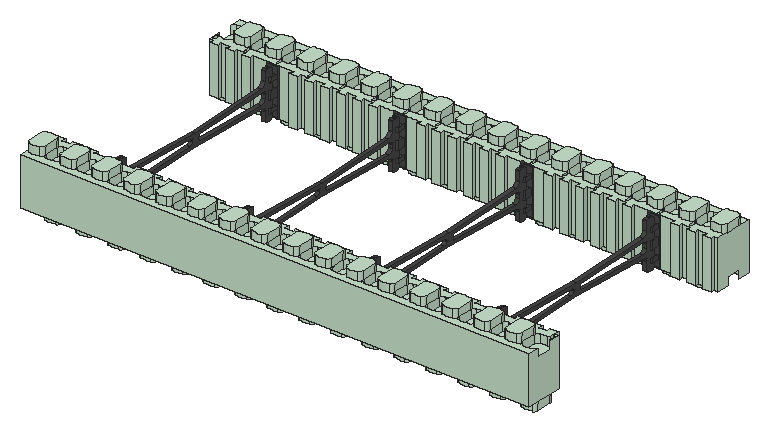
Revit family (continued)
Forms (mm)
  Extrusion 56, void
    sketch origin (508, 438.04, 0) x (-1, 0, 0) y (0, -1, 0)
      loop
        line (6.454, 56.046) -> (2.115, 56.046) -> (2.115, 47.255)
        arc (2.115, 47.255) -> (2.005, 46.676) -> (1.692, 46.177) r 1.588
        arc (1.692, 46.177) -> (0.438, 44.179) -> (0, 41.861) r 6.35
        line (0, 41.861) -> (0, 18.464)
        arc (0, 18.464) -> (1.215, 14.728) -> (4.396, 12.422) r 6.35
        arc (4.396, 12.422) -> (12.7, 11.112) -> (21.004, 12.422) r 26.987
        arc (21.004, 12.422) -> (24.185, 14.728) -> (25.4, 18.464) r 6.35
        line (25.4, 18.464) -> (25.4, 41.861)
        arc (25.4, 41.861) -> (24.185, 45.597) -> (21.004, 47.903) r 6.35
        arc (21.004, 47.903) -> (14.709, 49.138) -> (8.3, 48.851) r 26.987
        arc (8.3, 48.851) -> (7.014, 49.207) -> (6.454, 50.418) r 1.587
        line (6.454, 50.418) -> (6.454, 56.046)
    from 0 to 12.7
  Extrusion 57, void
    sketch origin (457.2, 438.04, 0) x (-1, 0, 0) y (0, -1, 0)
      loop
        line (6.454, 56.046) -> (2.115, 56.046) -> (2.115, 47.255)
        arc (2.115, 47.255) -> (2.005, 46.676) -> (1.692, 46.177) r 1.588
        arc (1.692, 46.177) -> (0.438, 44.179) -> (0, 41.861) r 6.35
        line (0, 41.861) -> (0, 18.464)
        arc (0, 18.464) -> (1.215, 14.728) -> (4.396, 12.422) r 6.35
        arc (4.396, 12.422) -> (12.7, 11.112) -> (21.004, 12.422) r 26.987
        arc (21.004, 12.422) -> (24.185, 14.728) -> (25.4, 18.464) r 6.35
        line (25.4, 18.464) -> (25.4, 41.861)
        arc (25.4, 41.861) -> (24.185, 45.597) -> (21.004, 47.903) r 6.35
        arc (21.004, 47.903) -> (14.709, 49.138) -> (8.3, 48.851) r 26.987
        arc (8.3, 48.851) -> (7.014, 49.207) -> (6.454, 50.418) r 1.587
        line (6.454, 50.418) -> (6.454, 56.046)
    from 0 to 12.7
  Extrusion 58, void
    sketch origin (406.4, 438.04, 0) x (-1, 0, 0) y (0, -1, 0)
      loop
        line (6.454, 56.046) -> (2.115, 56.046) -> (2.115, 47.255)
        arc (2.115, 47.255) -> (2.005, 46.676) -> (1.692, 46.177) r 1.588
        arc (1.692, 46.177) -> (0.438, 44.179) -> (0, 41.861) r 6.35
        line (0, 41.861) -> (0, 18.464)
        arc (0, 18.464) -> (1.215, 14.728) -> (4.396, 12.422) r 6.35
        arc (4.396, 12.422) -> (12.7, 11.112) -> (21.004, 12.422) r 26.987
        arc (21.004, 12.422) -> (24.185, 14.728) -> (25.4, 18.464) r 6.35
        line (25.4, 18.464) -> (25.4, 41.861)
        arc (25.4, 41.861) -> (24.185, 45.597) -> (21.004, 47.903) r 6.35
        arc (21.004, 47.903) -> (14.709, 49.138) -> (8.3, 48.851) r 26.987
        arc (8.3, 48.851) -> (7.014, 49.207) -> (6.454, 50.418) r 1.587
        line (6.454, 50.418) -> (6.454, 56.046)
    from 0 to 12.7
  Extrusion 59, void
    sketch origin (355.6, 438.04, 0) x (-1, 0, 0) y (0, -1, 0)
      loop
        line (6.454, 56.046) -> (2.115, 56.046) -> (2.115, 47.255)
        arc (2.115, 47.255) -> (2.005, 46.676) -> (1.692, 46.177) r 1.588
        arc (1.692, 46.177) -> (0.438, 44.179) -> (0, 41.861) r 6.35
        line (0, 41.861) -> (0, 18.464)
        arc (0, 18.464) -> (1.215, 14.728) -> (4.396, 12.422) r 6.35
        arc (4.396, 12.422) -> (12.7, 11.112) -> (21.004, 12.422) r 26.987
        arc (21.004, 12.422) -> (24.185, 14.728) -> (25.4, 18.464) r 6.35
        line (25.4, 18.464) -> (25.4, 41.861)
        arc (25.4, 41.861) -> (24.185, 45.597) -> (21.004, 47.903) r 6.35
        arc (21.004, 47.903) -> (14.709, 49.138) -> (8.3, 48.851) r 26.987
        arc (8.3, 48.851) -> (7.014, 49.207) -> (6.454, 50.418) r 1.587
        line (6.454, 50.418) -> (6.454, 56.046)
    from 0 to 12.7
  Extrusion 60, void
    sketch origin (304.8, 438.04, 0) x (-1, 0, 0) y (0, -1, 0)
      loop
        line (6.454, 56.046) -> (2.115, 56.046) -> (2.115, 47.255)
        arc (2.115, 47.255) -> (2.005, 46.676) -> (1.692, 46.177) r 1.588
        arc (1.692, 46.177) -> (0.438, 44.179) -> (0, 41.861) r 6.35
        line (0, 41.861) -> (0, 18.464)
        arc (0, 18.464) -> (1.215, 14.728) -> (4.396, 12.422) r 6.35
        arc (4.396, 12.422) -> (12.7, 11.112) -> (21.004, 12.422) r 26.987
        arc (21.004, 12.422) -> (24.185, 14.728) -> (25.4, 18.464) r 6.35
        line (25.4, 18.464) -> (25.4, 41.861)
        arc (25.4, 41.861) -> (24.185, 45.597) -> (21.004, 47.903) r 6.35
        arc (21.004, 47.903) -> (14.709, 49.138) -> (8.3, 48.851) r 26.987
        arc (8.3, 48.851) -> (7.014, 49.207) -> (6.454, 50.418) r 1.587
        line (6.454, 50.418) -> (6.454, 56.046)
    from 0 to 12.7
  Extrusion 61, void
    sketch origin (254, 438.04, 0) x (-1, 0, 0) y (0, -1, 0)
      loop
        line (6.454, 56.046) -> (2.115, 56.046) -> (2.115, 47.255)
        arc (2.115, 47.255) -> (2.005, 46.676) -> (1.692, 46.177) r 1.588
        arc (1.692, 46.177) -> (0.438, 44.179) -> (0, 41.861) r 6.35
        line (0, 41.861) -> (0, 18.464)
        arc (0, 18.464) -> (1.215, 14.728) -> (4.396, 12.422) r 6.35
        arc (4.396, 12.422) -> (12.7, 11.112) -> (21.004, 12.422) r 26.987
        arc (21.004, 12.422) -> (24.185, 14.728) -> (25.4, 18.464) r 6.35
        line (25.4, 18.464) -> (25.4, 41.861)
        arc (25.4, 41.861) -> (24.185, 45.597) -> (21.004, 47.903) r 6.35
        arc (21.004, 47.903) -> (14.709, 49.138) -> (8.3, 48.851) r 26.987
        arc (8.3, 48.851) -> (7.014, 49.207) -> (6.454, 50.418) r 1.587
        line (6.454, 50.418) -> (6.454, 56.046)
    from 0 to 12.7
  Extrusion 62, void
    sketch origin (203.2, 438.04, 0) x (-1, 0, 0) y (0, -1, 0)
      loop
        line (6.454, 56.046) -> (2.115, 56.046) -> (2.115, 47.255)
        arc (2.115, 47.255) -> (2.005, 46.676) -> (1.692, 46.177) r 1.588
        arc (1.692, 46.177) -> (0.438, 44.179) -> (0, 41.861) r 6.35
        line (0, 41.861) -> (0, 18.464)
        arc (0, 18.464) -> (1.215, 14.728) -> (4.396, 12.422) r 6.35
        arc (4.396, 12.422) -> (12.7, 11.112) -> (21.004, 12.422) r 26.987
        arc (21.004, 12.422) -> (24.185, 14.728) -> (25.4, 18.464) r 6.35
        line (25.4, 18.464) -> (25.4, 41.861)
        arc (25.4, 41.861) -> (24.185, 45.597) -> (21.004, 47.903) r 6.35
        arc (21.004, 47.903) -> (14.709, 49.138) -> (8.3, 48.851) r 26.987
        arc (8.3, 48.851) -> (7.014, 49.207) -> (6.454, 50.418) r 1.587
        line (6.454, 50.418) -> (6.454, 56.046)
    from 0 to 12.7
  Extrusion 63, void
    sketch origin (152.4, 438.04, 0) x (-1, 0, 0) y (0, -1, 0)
      loop
        line (6.454, 56.046) -> (2.115, 56.046) -> (2.115, 47.255)
        arc (2.115, 47.255) -> (2.005, 46.676) -> (1.692, 46.177) r 1.588
        arc (1.692, 46.177) -> (0.438, 44.179) -> (0, 41.861) r 6.35
        line (0, 41.861) -> (0, 18.464)
        arc (0, 18.464) -> (1.215, 14.728) -> (4.396, 12.422) r 6.35
        arc (4.396, 12.422) -> (12.7, 11.112) -> (21.004, 12.422) r 26.987
        arc (21.004, 12.422) -> (24.185, 14.728) -> (25.4, 18.464) r 6.35
        line (25.4, 18.464) -> (25.4, 41.861)
        arc (25.4, 41.861) -> (24.185, 45.597) -> (21.004, 47.903) r 6.35
        arc (21.004, 47.903) -> (14.709, 49.138) -> (8.3, 48.851) r 26.987
        arc (8.3, 48.851) -> (7.014, 49.207) -> (6.454, 50.418) r 1.587
        line (6.454, 50.418) -> (6.454, 56.046)
    from 0 to 12.7
  Extrusion 64, void
    sketch origin (101.6, 438.04, 0) x (-1, 0, 0) y (0, -1, 0)
      loop
        line (6.454, 56.046) -> (2.115, 56.046) -> (2.115, 47.255)
        arc (2.115, 47.255) -> (2.005, 46.676) -> (1.692, 46.177) r 1.588
        arc (1.692, 46.177) -> (0.438, 44.179) -> (0, 41.861) r 6.35
        line (0, 41.861) -> (0, 18.464)
        arc (0, 18.464) -> (1.215, 14.728) -> (4.396, 12.422) r 6.35
        arc (4.396, 12.422) -> (12.7, 11.112) -> (21.004, 12.422) r 26.987
        arc (21.004, 12.422) -> (24.185, 14.728) -> (25.4, 18.464) r 6.35
        line (25.4, 18.464) -> (25.4, 41.861)
        arc (25.4, 41.861) -> (24.185, 45.597) -> (21.004, 47.903) r 6.35
        arc (21.004, 47.903) -> (14.709, 49.138) -> (8.3, 48.851) r 26.987
        arc (8.3, 48.851) -> (7.014, 49.207) -> (6.454, 50.418) r 1.587
        line (6.454, 50.418) -> (6.454, 56.046)
    from 0 to 12.7
  Extrusion 65, void
    sketch origin (50.8, 438.04, 0) x (-1, 0, 0) y (0, -1, 0)
      loop
        line (6.454, 56.046) -> (2.115, 56.046) -> (2.115, 47.255)
        arc (2.115, 47.255) -> (2.005, 46.676) -> (1.692, 46.177) r 1.588
        arc (1.692, 46.177) -> (0.438, 44.179) -> (0, 41.861) r 6.35
        line (0, 41.861) -> (0, 18.464)
        arc (0, 18.464) -> (1.215, 14.728) -> (4.396, 12.422) r 6.35
        arc (4.396, 12.422) -> (12.7, 11.112) -> (21.004, 12.422) r 26.987
        arc (21.004, 12.422) -> (24.185, 14.728) -> (25.4, 18.464) r 6.35
        line (25.4, 18.464) -> (25.4, 41.861)
        arc (25.4, 41.861) -> (24.185, 45.597) -> (21.004, 47.903) r 6.35
        arc (21.004, 47.903) -> (14.709, 49.138) -> (8.3, 48.851) r 26.987
        arc (8.3, 48.851) -> (7.014, 49.207) -> (6.454, 50.418) r 1.587
        line (6.454, 50.418) -> (6.454, 56.046)
    from 0 to 12.7
Cuts and joins
  Extrusion 2, Extrusion 3, Extrusion 4, Extrusion 5, Extrusion 6, Extrusion 7, Extrusion 8, Extrusion 9, Extrusion 10, Extrusion 11, Extrusion 12, Extrusion 13, Extrusion 14, Extrusion 15, Extrusion 16, Extrusion 17, Extrusion 18, Extrusion 19, Extrusion 20, Extrusion 21, Extrusion 22, Extrusion 23, Extrusion 24, Extrusion 25, Extrusion 26, Extrusion 27, Extrusion 28, Extrusion 29, Extrusion 30, Extrusion 31, Extrusion 32, Extrusion 33, Extrusion 34, Extrusion 35, Extrusion 36, Extrusion 37, Extrusion 38, Extrusion 39, Extrusion 40, Extrusion 41, Extrusion 42, Extrusion 43, Extrusion 44, Extrusion 45, Extrusion 46, Extrusion 47, Extrusion 48, Extrusion 49, Extrusion 50, Extrusion 51, Extrusion 52, Extrusion 53, Extrusion 54, Extrusion 55, Extrusion 56, Extrusion 57, Extrusion 58, Extrusion 59, Extrusion 60, Extrusion 61, Extrusion 62, Extrusion 63, Extrusion 64, Extrusion 65 cuts Extrusion 1
Dimensions and locks
  aligned and locked: level to plane 2
Nested families
  nested 1: "Interlock Tooth" at (0, 142.765, -381), type "Interlock Tooth"
  nested 2: "Interlock Tooth" at (50.8, 142.765, -381), type "Interlock Tooth"
  nested 3: "Interlock Tooth" at (101.6, 142.765, -381), type "Interlock Tooth"
  nested 4: "Interlock Tooth" at (152.4, 142.765, -381), type "Interlock Tooth"
  nested 5: "Interlock Tooth" at (203.2, 142.765, -381), type "Interlock Tooth"
  nested 6: "Interlock Tooth" at (254, 142.765, -381), type "Interlock Tooth"
  nested 7: "Interlock Tooth" at (304.8, 142.765, -381), type "Interlock Tooth"
  nested 8: "Interlock Tooth" at (355.6, 142.765, -381), type "Interlock Tooth"
  nested 9: "Interlock Tooth" at (406.4, 142.765, -381), type "Interlock Tooth"
  nested 10: "Interlock Tooth" at (457.2, 142.765, -381), type "Interlock Tooth"
  nested 11: "Interlock Tooth" at (508, 142.765, -381), type "Interlock Tooth"
  nested 12: "Interlock Tooth" at (558.8, 142.765, -381), type "Interlock Tooth"
  nested 13: "Interlock Tooth" at (609.6, 142.765, -381), type "Interlock Tooth"
  nested 14: "Interlock Tooth" at (660.4, 142.765, -381), type "Interlock Tooth"
  nested 15: "Interlock Tooth" at (711.2, 142.765, -381), type "Interlock Tooth"
  nested 16: "Interlock Tooth" at (762, 142.765, -381), type "Interlock Tooth"
  nested 17: "Interlock Tooth" at (76.2, 142.765, -469.9), type "Interlock Tooth"
  nested 18: "Interlock Tooth" at (127, 142.765, -469.9), type "Interlock Tooth"
  nested 19: "Interlock Tooth" at (177.8, 142.765, -469.9), type "Interlock Tooth"
  nested 20: "Interlock Tooth" at (228.6, 142.765, -469.9), type "Interlock Tooth"
  nested 21: "Interlock Tooth" at (25.4, 142.765, -469.9), type "Interlock Tooth"
  nested 22: "Interlock Tooth" at (279.4, 142.765, -469.9), type "Interlock Tooth"
  nested 23: "Interlock Tooth" at (330.2, 142.765, -469.9), type "Interlock Tooth"
  nested 24: "Interlock Tooth" at (381, 142.765, -469.9), type "Interlock Tooth"
  nested 25: "Interlock Tooth" at (431.8, 142.765, -469.9), type "Interlock Tooth"
  nested 26: "Interlock Tooth" at (482.6, 142.765, -469.9), type "Interlock Tooth"
  nested 27: "Interlock Tooth" at (533.4, 142.765, -469.9), type "Interlock Tooth"
  nested 28: "Interlock Tooth" at (584.2, 142.765, -469.9), type "Interlock Tooth"
  nested 29: "Interlock Tooth" at (635, 142.765, -469.9), type "Interlock Tooth"
  nested 30: "Interlock Tooth" at (685.8, 142.765, -469.9), type "Interlock Tooth"
  nested 31: "Interlock Tooth" at (736.6, 142.765, -469.9), type "Interlock Tooth"
  nested 32: "Interlock Tooth" at (787.4, 142.765, -469.9), type "Interlock Tooth"
  nested 33: "Interlock Tooth" at (812.8, 295.165, -381) x (-1, 0, 0) z (0, 0, 1), type "Interlock Tooth"
  nested 34: "Interlock Tooth" at (762, 295.165, -381) x (-1, 0, 0) z (0, 0, 1), type "Interlock Tooth"
  nested 35: "Interlock Tooth" at (711.2, 295.165, -381) x (-1, 0, 0) z (0, 0, 1), type "Interlock Tooth"
  nested 36: "Interlock Tooth" at (660.4, 295.165, -381) x (-1, 0, 0) z (0, 0, 1), type "Interlock Tooth"
  nested 37: "Interlock Tooth" at (609.6, 295.165, -381) x (-1, 0, 0) z (0, 0, 1), type "Interlock Tooth"
  nested 38: "Interlock Tooth" at (558.8, 295.165, -381) x (-1, 0, 0) z (0, 0, 1), type "Interlock Tooth"
  nested 39: "Interlock Tooth" at (508, 295.165, -381) x (-1, 0, 0) z (0, 0, 1), type "Interlock Tooth"
  nested 40: "Interlock Tooth" at (457.2, 295.165, -381) x (-1, 0, 0) z (0, 0, 1), type "Interlock Tooth"
  nested 41: "Interlock Tooth" at (406.4, 295.165, -381) x (-1, 0, 0) z (0, 0, 1), type "Interlock Tooth"
  nested 42: "Interlock Tooth" at (355.6, 295.165, -381) x (-1, 0, 0) z (0, 0, 1), type "Interlock Tooth"
  nested 43: "Interlock Tooth" at (304.8, 295.165, -381) x (-1, 0, 0) z (0, 0, 1), type "Interlock Tooth"
  nested 44: "Interlock Tooth" at (254, 295.165, -381) x (-1, 0, 0) z (0, 0, 1), type "Interlock Tooth"
  nested 45: "Interlock Tooth" at (203.2, 295.165, -381) x (-1, 0, 0) z (0, 0, 1), type "Interlock Tooth"
  nested 46: "Interlock Tooth" at (152.4, 295.165, -381) x (-1, 0, 0) z (0, 0, 1), type "Interlock Tooth"
  nested 47: "Interlock Tooth" at (101.6, 295.165, -381) x (-1, 0, 0) z (0, 0, 1), type "Interlock Tooth"
  nested 48: "Interlock Tooth" at (50.8, 295.165, -381) x (-1, 0, 0) z (0, 0, 1), type "Interlock Tooth"
  nested 49: "Interlock Tooth" at (736.6, 295.165, -469.9) x (-1, 0, 0) z (0, 0, 1), type "Interlock Tooth"
  nested 50: "Interlock Tooth" at (685.8, 295.165, -469.9) x (-1, 0, 0) z (0, 0, 1), type "Interlock Tooth"
  nested 51: "Interlock Tooth" at (635, 295.165, -469.9) x (-1, 0, 0) z (0, 0, 1), type "Interlock Tooth"
  nested 52: "Interlock Tooth" at (584.2, 295.165, -469.9) x (-1, 0, 0) z (0, 0, 1), type "Interlock Tooth"
  nested 53: "Interlock Tooth" at (787.4, 295.165, -469.9) x (-1, 0, 0) z (0, 0, 1), type "Interlock Tooth"
  nested 54: "Interlock Tooth" at (533.4, 295.165, -469.9) x (-1, 0, 0) z (0, 0, 1), type "Interlock Tooth"
  nested 55: "Interlock Tooth" at (482.6, 295.165, -469.9) x (-1, 0, 0) z (0, 0, 1), type "Interlock Tooth"
  nested 56: "Interlock Tooth" at (431.8, 295.165, -469.9) x (-1, 0, 0) z (0, 0, 1), type "Interlock Tooth"
  nested 57: "Interlock Tooth" at (381, 295.165, -469.9) x (-1, 0, 0) z (0, 0, 1), type "Interlock Tooth"
  nested 58: "Interlock Tooth" at (330.2, 295.165, -469.9) x (-1, 0, 0) z (0, 0, 1), type "Interlock Tooth"
  nested 59: "Interlock Tooth" at (279.4, 295.165, -469.9) x (-1, 0, 0) z (0, 0, 1), type "Interlock Tooth"
  nested 60: "Interlock Tooth" at (228.6, 295.165, -469.9) x (-1, 0, 0) z (0, 0, 1), type "Interlock Tooth"
  nested 61: "Interlock Tooth" at (177.8, 295.165, -469.9) x (-1, 0, 0) z (0, 0, 1), type "Interlock Tooth"
  nested 62: "Interlock Tooth" at (127, 295.165, -469.9) x (-1, 0, 0) z (0, 0, 1), type "Interlock Tooth"
  nested 63: "Interlock Tooth" at (76.2, 295.165, -469.9) x (-1, 0, 0) z (0, 0, 1), type "Interlock Tooth"
  nested 64: "Interlock Tooth" at (25.4, 295.165, -469.9) x (-1, 0, 0) z (0, 0, 1), type "Interlock Tooth"
  nested 65: "NUDURA Height Adjuster Diamond Pattern" at (609.6, 580.915, 0), type "NUDURA Height Adjuster Diamond Pattern"
  nested 66: "NUDURA Height Adjuster Diamond Pattern" at (406.4, 580.915, 0), type "NUDURA Height Adjuster Diamond Pattern"
  nested 67: "NUDURA Height Adjuster Diamond Pattern" at (203.2, 580.915, 0), type "NUDURA Height Adjuster Diamond Pattern"
  nested 68: "NUDURA Height Adjuster Diamond Pattern" at (0, 580.915, 0), type "NUDURA Height Adjuster Diamond Pattern"
  nested 69: "NUDURA Height Adjuster Diamond Pattern" at (609.6, -142.985, 0), type "NUDURA Height Adjuster Diamond Pattern"
  nested 70: "NUDURA Height Adjuster Diamond Pattern" at (406.4, -142.985, 0), type "NUDURA Height Adjuster Diamond Pattern"
  nested 71: "NUDURA Height Adjuster Diamond Pattern" at (203.2, -142.985, 0), type "NUDURA Height Adjuster Diamond Pattern"
  nested 72: "NUDURA Height Adjuster Diamond Pattern" at (0, -142.985, 0), type "NUDURA Height Adjuster Diamond Pattern"
  nested 73: "NUDURA 12-inch Height Adjuster Web" at (101.6, 218.965, 0), type "NUDURA 12-inch Height Adjuster Web"
  nested 74: "NUDURA 12-inch Height Adjuster Web" at (304.8, 218.965, 0), type "NUDURA 12-inch Height Adjuster Web"
  nested 75: "NUDURA 12-inch Height Adjuster Web" at (508, 218.965, 0), type "NUDURA 12-inch Height Adjuster Web"
  nested 76: "NUDURA 12-inch Height Adjuster Web" at (711.2, 218.965, 0), type "NUDURA 12-inch Height Adjuster Web"
Definition of nested family "Interlock Tooth"
  Reference planes
    plane 1 "Center (Front/Back)": y = 0
    plane 2: z = 0
    plane 3 "Center (Left/Right)": x = 0
    plane 4: z = 457.2
    plane 5: z = 469.9
    plane 6: z = -12.7
  Forms (mm)
    Extrusion 1, solid, material "NUDURA Expanded Polystyrene Foam Insulation"
      sketch origin (0, -225.425, 0) x (1, 0, 0) y (0, 1, 0)
        loop
          arc (0, 101.014) -> (1.215, 97.278) -> (4.396, 94.972) r 6.35
          arc (4.396, 94.972) -> (12.7, 93.663) -> (21.004, 94.972) r 26.988
          arc (21.004, 94.972) -> (24.185, 97.278) -> (25.4, 101.014) r 6.35
          line (25.4, 101.014) -> (25.4, 124.411)
          arc (25.4, 124.411) -> (24.185, 128.147) -> (21.004, 130.453) r 6.35
          arc (21.004, 130.453) -> (12.7, 131.763) -> (4.396, 130.453) r 26.987
          arc (4.396, 130.453) -> (1.215, 128.147) -> (0, 124.411) r 6.35
          line (0, 124.411) -> (0, 101.014)
      from 457.2 to 469.9
  Dimensions and locks
    locked: plane 4 to level at 457.2
    locked: plane 4 to plane 5 at 12.7
    locked: plane 6 to level at 12.7
Definition of nested family "NUDURA 12-inch Height Adjuster Web"
  Reference planes
    plane 1 "Center (Front/Back)": y = 0
    plane 2: z = 0
    plane 3 "Center (Left/Right)": x = 0
    plane 4: z = 76.2
    plane 5: z = 12.7
    plane 6: z = 63.5
    plane 7: z = 57.15
    plane 8: z = 19.05
    plane 9: z = 31.75
    plane 10: z = 44.45
  Forms (mm)
    Extrusion 1, solid, material "High Density Polystyrene"
      sketch origin (0, 6.921, 0) x (0, 1, 0) y (0, 0, 1)
        loop
          line (151.829, 0) -> (151.829, 76.2)
          arc (151.829, 76.2) -> (151.095, 75.698) -> (150.812, 74.856) r 1.397
          line (150.812, 74.856) -> (150.812, 1.344)
          arc (150.812, 1.344) -> (151.095, 0.502) -> (151.829, 0) r 1.397
        loop
          arc (-165.671, 0) -> (-164.938, 0.502) -> (-164.655, 1.344) r 1.397
          line (-164.655, 1.344) -> (-164.655, 74.856)
          arc (-164.655, 74.856) -> (-164.938, 75.698) -> (-165.671, 76.2) r 1.397
          line (-165.671, 76.2) -> (-165.671, 0)
      from -9.227 to 9.227
    Extrusion 2, solid, material "High Density Polystyrene"
      sketch origin (0, 0.508, 0) x (0, 1, 0) y (0, 0, 1)
        loop
          line (139.192, 2.005) -> (141.732, 2.005)
          arc (141.732, 2.005) -> (142.096, 1.126) -> (142.975, 0.762) r 1.243
          line (142.975, 0.762) -> (146.812, 0.762) -> (147.574, 0) -> (149.86, 0) -> (151.892, 2.032) -> (151.892, 74.168) -> (149.86, 76.2) -> (147.574, 76.2) -> (146.812, 75.438) -> (142.975, 75.438)
          arc (142.975, 75.438) -> (142.096, 75.074) -> (141.732, 74.195) r 1.243
          line (141.732, 74.195) -> (139.192, 74.195) -> (139.192, 59.922)
          arc (139.192, 59.922) -> (137.179, 54.762) -> (132.204, 52.328) r 7.62
          line (132.204, 52.328) -> (-0.508, 47.645) -> (-133.22, 52.328)
          arc (-133.22, 52.328) -> (-138.195, 54.762) -> (-140.208, 59.922) r 7.62
          line (-140.208, 59.922) -> (-140.208, 74.195) -> (-142.748, 74.195)
          arc (-142.748, 74.195) -> (-143.112, 75.074) -> (-143.991, 75.438) r 1.243
          line (-143.991, 75.438) -> (-147.828, 75.438) -> (-148.59, 76.2) -> (-150.876, 76.2) -> (-152.908, 74.168) -> (-152.908, 2.032) -> (-150.876, 0) -> (-148.59, 0) -> (-147.828, 0.762) -> (-143.991, 0.762)
          arc (-143.991, 0.762) -> (-143.112, 1.126) -> (-142.748, 2.005) r 1.243
          line (-142.748, 2.005) -> (-140.208, 2.005) -> (-140.208, 16.278)
          arc (-140.208, 16.278) -> (-138.195, 21.438) -> (-133.22, 23.872) r 7.62
          line (-133.22, 23.872) -> (-0.508, 28.555) -> (132.204, 23.872)
          arc (132.204, 23.872) -> (137.179, 21.438) -> (139.192, 16.278) r 7.62
          line (139.192, 16.278) -> (139.192, 2.005)
        loop
          line (-133.609, 28.738) -> (-10.247, 32.591)
          arc (-10.247, 32.591) -> (-6.93, 34.213) -> (-5.588, 37.653) r 5.08
          line (-5.588, 37.653) -> (-5.588, 38.547)
          arc (-5.588, 38.547) -> (-6.93, 41.987) -> (-10.247, 43.609) r 5.08
          line (-10.247, 43.609) -> (-133.609, 47.462)
          arc (-133.609, 47.462) -> (-138.259, 45.694) -> (-140.208, 41.117) r 6.35
          line (-140.208, 41.117) -> (-140.208, 35.083)
          arc (-140.208, 35.083) -> (-138.259, 30.506) -> (-133.609, 28.738) r 6.35
        loop
          line (4.572, 38.547) -> (4.572, 37.653)
          arc (4.572, 37.653) -> (5.914, 34.213) -> (9.231, 32.591) r 5.08
          line (9.231, 32.591) -> (132.592, 28.738)
          arc (132.592, 28.738) -> (137.243, 30.506) -> (139.192, 35.083) r 6.35
          line (139.192, 35.083) -> (139.192, 41.117)
          arc (139.192, 41.117) -> (137.243, 45.694) -> (132.592, 47.462) r 6.35
          line (132.592, 47.462) -> (9.231, 43.609)
          arc (9.231, 43.609) -> (5.914, 41.987) -> (4.572, 38.547) r 5.08
      from -3.175 to 3.175
    Extrusion 3, void
      sketch origin (0, 76.2, -2.205) x (-1, 0, 0) y (0, -1, 0)
        loop
          arc (-6.35, -70.929) -> (-5.736, -69.448) -> (-4.255, -68.834) r 2.095
          line (-4.255, -68.834) -> (-6.35, -68.834) -> (-6.35, -70.929)
      from 14.905 to 65.705
    Extrusion 4, void
      sketch origin (0, -76.2, 0) x (1, 0, 0) y (0, 1, 0)
        loop
          arc (-6.35, -70.929) -> (-5.736, -69.448) -> (-4.255, -68.834) r 2.095
          line (-4.255, -68.834) -> (-6.35, -68.834) -> (-6.35, -70.929)
      from 12.7 to 63.5
    Extrusion 5, void
      sketch origin (0, -76.2, 0) x (-1, 0, 0) y (0, -1, 0)
        loop
          line (-6.35, 70.929) -> (-6.35, 68.834) -> (-4.255, 68.834)
          arc (-4.255, 68.834) -> (-5.736, 69.448) -> (-6.35, 70.929) r 2.095
      from 12.7 to 63.5
    Extrusion 6, solid, material "High Density Polystyrene"
      sketch origin (0, 0, 0) x (0, 1, 0) y (0, 0, 1)
        loop
          line (157.734, 63.5) -> (145.034, 63.5) -> (145.034, 57.15) -> (157.734, 57.15) -> (157.734, 63.5)
        loop
          line (157.734, 44.45) -> (145.034, 44.45) -> (145.034, 31.75) -> (157.734, 31.75) -> (157.734, 44.45)
        loop
          line (157.734, 19.05) -> (145.034, 19.05) -> (145.034, 12.7) -> (157.734, 12.7) -> (157.734, 19.05)
        loop
          line (-157.734, 63.5) -> (-157.734, 57.15) -> (-145.034, 57.15) -> (-145.034, 63.5) -> (-157.734, 63.5)
        loop
          line (-157.734, 44.45) -> (-157.734, 31.75) -> (-145.034, 31.75) -> (-145.034, 44.45) -> (-157.734, 44.45)
        loop
          line (-157.734, 19.05) -> (-157.734, 12.7) -> (-145.034, 12.7) -> (-145.034, 19.05) -> (-157.734, 19.05)
      from -6.35 to 6.35
    Extrusion 7, void
      sketch origin (0, 76.2, -2.205) x (1, 0, 0) y (0, 1, 0)
        loop
          line (-6.35, 70.929) -> (-6.35, 68.834) -> (-4.255, 68.834)
          arc (-4.255, 68.834) -> (-5.736, 69.448) -> (-6.35, 70.929) r 2.095
      from 14.905 to 65.705
  Cuts and joins
    Extrusion 3, Extrusion 4, Extrusion 5, Extrusion 7 cuts Extrusion 6
    Extrusion 7 cuts Extrusion 1
Definition of nested family "NUDURA Height Adjuster Diamond Pattern"
  Reference planes
    plane 1 "Center (Front/Back)": y = 0
    plane 2: z = 0
    plane 3 "Center (Left/Right)": x = 0
    plane 4: z = 76.2
  Lines and regions (mm)
    model lines
      curve 1: line (203.2, -142.875, 76.2) -> (203.2, -142.875, 0)
      curve 2: line (152.4, -142.875, 76.2) -> (152.4, -142.875, 0)
      curve 3: line (50.8, -142.875, 76.2) -> (50.8, -142.875, 0)
      curve 4: line (117.704, -142.875, 63.885) -> (108.981, -142.875, 72.608)
      curve 5: arc (117.704, -142.875, 50.415) -> (120.494, -142.875, 57.15) -> (117.704, -142.875, 63.885) r 9.525
      curve 6: line (108.981, -142.875, 41.692) -> (117.704, -142.875, 50.415)
      curve 7: line (85.183, -142.875, 50.415) -> (93.906, -142.875, 41.692)
      curve 8: arc (85.183, -142.875, 63.885) -> (82.394, -142.875, 57.15) -> (85.183, -142.875, 50.415) r 9.525
      curve 9: line (93.906, -142.875, 72.608) -> (85.183, -142.875, 63.885)
      curve 10: arc (105.934, -142.875, 71.165) -> (101.444, -142.875, 73.025) -> (96.953, -142.875, 71.165) r 6.35
      curve 11: line (96.953, -142.875, 71.165) -> (87.428, -142.875, 61.64)
      curve 12: arc (87.428, -142.875, 61.64) -> (85.569, -142.875, 57.15) -> (87.428, -142.875, 52.66) r 6.35
      curve 13: line (87.428, -142.875, 52.66) -> (96.953, -142.875, 43.135)
      curve 14: arc (96.953, -142.875, 43.135) -> (101.444, -142.875, 41.275) -> (105.934, -142.875, 43.135) r 6.35
      curve 15: line (105.934, -142.875, 43.135) -> (115.459, -142.875, 52.66)
      curve 16: arc (115.459, -142.875, 52.66) -> (117.319, -142.875, 57.15) -> (115.459, -142.875, 61.64) r 6.35
      curve 17: line (115.459, -142.875, 61.64) -> (105.934, -142.875, 71.165)
      curve 18: arc (93.906, -142.875, 34.508) -> (95.394, -142.875, 38.1) -> (93.906, -142.875, 41.692) r 5.08
      curve 19: line (93.906, -142.875, 34.508) -> (85.183, -142.875, 25.785)
      curve 20: arc (85.183, -142.875, 25.785) -> (82.394, -142.875, 19.05) -> (85.183, -142.875, 12.315) r 9.525
      curve 21: line (85.183, -142.875, 12.315) -> (94.708, -142.875, 2.79)
      curve 22: arc (94.708, -142.875, 2.79) -> (101.444, -142.875, 0) -> (108.179, -142.875, 2.79) r 9.525
      curve 23: line (108.179, -142.875, 2.79) -> (117.704, -142.875, 12.315)
      curve 24: arc (117.704, -142.875, 12.315) -> (120.494, -142.875, 19.05) -> (117.704, -142.875, 25.785) r 9.525
      curve 25: line (117.704, -142.875, 25.785) -> (108.981, -142.875, 34.508)
      curve 26: arc (108.981, -142.875, 41.692) -> (107.493, -142.875, 38.1) -> (108.981, -142.875, 34.508) r 5.08
      curve 27: arc (105.934, -142.875, 33.065) -> (101.444, -142.875, 34.925) -> (96.953, -142.875, 33.065) r 6.35
      curve 28: line (115.459, -142.875, 23.54) -> (105.934, -142.875, 33.065)
      curve 29: arc (115.459, -142.875, 14.56) -> (117.319, -142.875, 19.05) -> (115.459, -142.875, 23.54) r 6.35
      curve 30: line (105.934, -142.875, 5.035) -> (115.459, -142.875, 14.56)
      curve 31: arc (96.953, -142.875, 5.035) -> (101.444, -142.875, 3.175) -> (105.934, -142.875, 5.035) r 6.35
      curve 32: line (87.428, -142.875, 14.56) -> (96.953, -142.875, 5.035)
      curve 33: arc (87.428, -142.875, 23.54) -> (85.569, -142.875, 19.05) -> (87.428, -142.875, 14.56) r 6.35
      curve 34: line (96.953, -142.875, 33.065) -> (87.428, -142.875, 23.54)
      curve 35: arc (108.179, -142.875, 73.41) -> (101.444, -142.875, 76.2) -> (94.708, -142.875, 73.41) r 9.525
